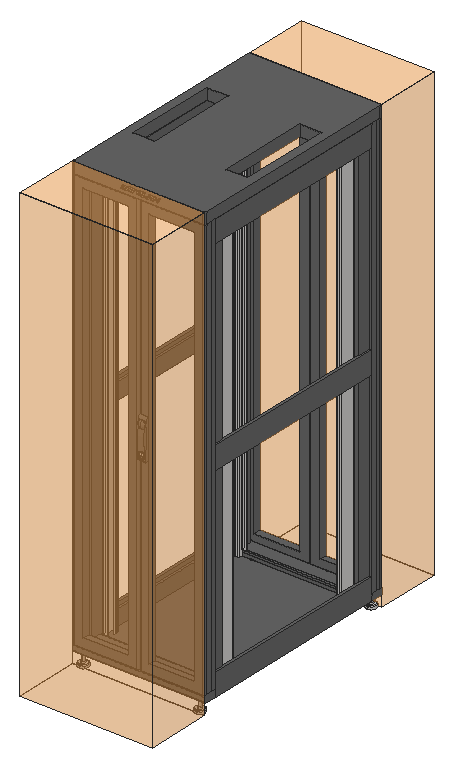
Revit family "Eurolan_Шкафы Rackcenter D9000", category Электрооборудование, Revit 2019 (continued)
Definition of nested family "in_Крыша"
  Definition of nested family "in_Линии щеточного ввода"
    Lines and regions (mm)
      model lines, detail levels fine
        curve 266: line (66, 47.8, 9.8) -> (66, -47.8, 9.8)
        curve 267: line (65, 47.8, 9.8) -> (65, -47.8, 9.8)
        curve 268: line (64, 47.8, 9.8) -> (64, -47.8, 9.8)
        curve 269: line (63, 47.8, 9.8) -> (63, -47.8, 9.8)
        curve 270: line (62, 47.8, 9.8) -> (62, -47.8, 9.8)
        curve 271: line (61, 47.8, 9.8) -> (61, -47.8, 9.8)
        curve 272: line (60, 47.8, 9.8) -> (60, -47.8, 9.8)
        curve 273: line (59, 47.8, 9.8) -> (59, -47.8, 9.8)
        curve 274: line (58, 47.8, 9.8) -> (58, -47.8, 9.8)
        curve 275: line (57, 47.8, 9.8) -> (57, -47.8, 9.8)
        curve 276: line (56, 47.8, 9.8) -> (56, -47.8, 9.8)
        curve 277: line (55, 47.8, 9.8) -> (55, -47.8, 9.8)
        curve 278: line (54, 47.8, 9.8) -> (54, -47.8, 9.8)
        curve 279: line (53, 47.8, 9.8) -> (53, -47.8, 9.8)
        curve 280: line (52, 47.8, 9.8) -> (52, -47.8, 9.8)
        curve 281: line (51, 47.8, 9.8) -> (51, -47.8, 9.8)
        curve 282: line (50, 47.8, 9.8) -> (50, -47.8, 9.8)
        curve 283: line (49, 47.8, 9.8) -> (49, -47.8, 9.8)
        curve 284: line (48, 47.8, 9.8) -> (48, -47.8, 9.8)
        curve 285: line (47, 47.8, 9.8) -> (47, -47.8, 9.8)
        curve 286: line (46, 47.8, 9.8) -> (46, -47.8, 9.8)
        curve 287: line (45, 47.8, 9.8) -> (45, -47.8, 9.8)
        curve 288: line (44, 47.8, 9.8) -> (44, -47.8, 9.8)
        curve 289: line (43, 47.8, 9.8) -> (43, -47.8, 9.8)
        curve 290: line (42, 47.8, 9.8) -> (42, -47.8, 9.8)
        curve 291: line (41, 47.8, 9.8) -> (41, -47.8, 9.8)
        curve 292: line (40, 47.8, 9.8) -> (40, -47.8, 9.8)
        curve 293: line (39, 47.8, 9.8) -> (39, -47.8, 9.8)
        curve 294: line (38, 47.8, 9.8) -> (38, -47.8, 9.8)
        curve 295: line (37, 47.8, 9.8) -> (37, -47.8, 9.8)
        curve 296: line (36, 47.8, 9.8) -> (36, -47.8, 9.8)
        curve 297: line (35, 47.8, 9.8) -> (35, -47.8, 9.8)
        curve 298: line (34, 47.8, 9.8) -> (34, -47.8, 9.8)
        curve 299: line (33, 47.8, 9.8) -> (33, -47.8, 9.8)
        curve 300: line (32, 47.8, 9.8) -> (32, -47.8, 9.8)
        curve 301: line (31, 47.8, 9.8) -> (31, -47.8, 9.8)
        curve 302: line (30, 47.8, 9.8) -> (30, -47.8, 9.8)
        curve 303: line (29, 47.8, 9.8) -> (29, -47.8, 9.8)
        curve 304: line (28, 47.8, 9.8) -> (28, -47.8, 9.8)
        curve 305: line (27, 47.8, 9.8) -> (27, -47.8, 9.8)
        curve 306: line (26, 47.8, 9.8) -> (26, -47.8, 9.8)
        curve 307: line (25, 47.8, 9.8) -> (25, -47.8, 9.8)
        curve 308: line (24, 47.8, 9.8) -> (24, -47.8, 9.8)
        curve 309: line (23, 47.8, 9.8) -> (23, -47.8, 9.8)
        curve 310: line (22, 47.8, 9.8) -> (22, -47.8, 9.8)
        curve 311: line (21, 47.8, 9.8) -> (21, -47.8, 9.8)
        curve 312: line (20, 47.8, 9.8) -> (20, -47.8, 9.8)
        curve 313: line (19, 47.8, 9.8) -> (19, -47.8, 9.8)
        curve 314: line (18, 47.8, 9.8) -> (18, -47.8, 9.8)
        curve 315: line (17, 47.8, 9.8) -> (17, -47.8, 9.8)
        curve 316: line (16, 47.8, 9.8) -> (16, -47.8, 9.8)
        curve 317: line (15, 47.8, 9.8) -> (15, -47.8, 9.8)
        curve 318: line (14, 47.8, 9.8) -> (14, -47.8, 9.8)
        curve 319: line (13, 47.8, 9.8) -> (13, -47.8, 9.8)
        curve 320: line (12, 47.8, 9.8) -> (12, -47.8, 9.8)
        curve 321: line (11, 47.8, 9.8) -> (11, -47.8, 9.8)
        curve 322: line (10, 47.8, 9.8) -> (10, -47.8, 9.8)
        curve 323: line (9, 47.8, 9.8) -> (9, -47.8, 9.8)
        curve 324: line (8, 47.8, 9.8) -> (8, -47.8, 9.8)
        curve 325: line (7, 47.8, 9.8) -> (7, -47.8, 9.8)
        curve 326: line (6, 47.8, 9.8) -> (6, -47.8, 9.8)
        curve 327: line (5, 47.8, 9.8) -> (5, -47.8, 9.8)
        curve 328: line (4, 47.8, 9.8) -> (4, -47.8, 9.8)
        curve 329: line (3, 47.8, 9.8) -> (3, -47.8, 9.8)
        curve 330: line (2, 47.8, 9.8) -> (2, -47.8, 9.8)
        curve 331: line (1, 47.8, 9.8) -> (1, -47.8, 9.8)
        curve 332: line (122, 47.8, 9.8) -> (122, -47.8, 9.8)
        curve 333: line (123, 47.8, 9.8) -> (123, -47.8, 9.8)
        curve 334: line (124, 47.8, 9.8) -> (124, -47.8, 9.8)
        curve 335: line (125, 47.8, 9.8) -> (125, -47.8, 9.8)
        curve 336: line (126, 47.8, 9.8) -> (126, -47.8, 9.8)
        curve 337: line (127, 47.8, 9.8) -> (127, -47.8, 9.8)
        curve 338: line (128, 47.8, 9.8) -> (128, -47.8, 9.8)
        curve 339: line (129, 47.8, 9.8) -> (129, -47.8, 9.8)
        curve 340: line (130, 47.8, 9.8) -> (130, -47.8, 9.8)
        curve 341: line (131, 47.8, 9.8) -> (131, -47.8, 9.8)
        curve 342: line (132, 47.8, 9.8) -> (132, -47.8, 9.8)
        curve 343: line (133, 47.8, 9.8) -> (133, -47.8, 9.8)
        curve 344: line (134, 47.8, 9.8) -> (134, -47.8, 9.8)
        curve 345: line (135, 47.8, 9.8) -> (135, -47.8, 9.8)
        curve 346: line (136, 47.8, 9.8) -> (136, -47.8, 9.8)
        curve 347: line (137, 47.8, 9.8) -> (137, -47.8, 9.8)
        curve 348: line (138, 47.8, 9.8) -> (138, -47.8, 9.8)
        curve 349: line (139, 47.8, 9.8) -> (139, -47.8, 9.8)
        curve 350: line (140, 47.8, 9.8) -> (140, -47.8, 9.8)
        curve 351: line (141, 47.8, 9.8) -> (141, -47.8, 9.8)
        curve 352: line (142, 47.8, 9.8) -> (142, -47.8, 9.8)
        curve 353: line (143, 47.8, 9.8) -> (143, -47.8, 9.8)
        curve 354: line (144, 47.8, 9.8) -> (144, -47.8, 9.8)
        curve 355: line (145, 47.8, 9.8) -> (145, -47.8, 9.8)
        curve 356: line (146, 47.8, 9.8) -> (146, -47.8, 9.8)
        curve 357: line (147, 47.8, 9.8) -> (147, -47.8, 9.8)
        curve 358: line (148, 47.8, 9.8) -> (148, -47.8, 9.8)
        curve 359: line (149, 47.8, 9.8) -> (149, -47.8, 9.8)
        curve 360: line (150, 47.8, 9.8) -> (150, -47.8, 9.8)
        curve 361: line (151, 47.8, 9.8) -> (151, -47.8, 9.8)
        curve 362: line (152, 47.8, 9.8) -> (152, -47.8, 9.8)
        curve 363: line (153, 47.8, 9.8) -> (153, -47.8, 9.8)
        curve 364: line (154, 47.8, 9.8) -> (154, -47.8, 9.8)
        curve 365: line (155, 47.8, 9.8) -> (155, -47.8, 9.8)
        curve 366: line (156, 47.8, 9.8) -> (156, -47.8, 9.8)
        curve 367: line (157, 47.8, 9.8) -> (157, -47.8, 9.8)
        curve 368: line (158, 47.8, 9.8) -> (158, -47.8, 9.8)
        curve 369: line (159, 47.8, 9.8) -> (159, -47.8, 9.8)
        curve 370: line (160, 47.8, 9.8) -> (160, -47.8, 9.8)
        curve 371: line (161, 47.8, 9.8) -> (161, -47.8, 9.8)
        curve 372: line (162, 47.8, 9.8) -> (162, -47.8, 9.8)
        curve 373: line (163, 47.8, 9.8) -> (163, -47.8, 9.8)
        curve 374: line (164, 47.8, 9.8) -> (164, -47.8, 9.8)
        curve 375: line (165, 47.8, 9.8) -> (165, -47.8, 9.8)
        curve 376: line (166, 47.8, 9.8) -> (166, -47.8, 9.8)
        curve 377: line (167, 47.8, 9.8) -> (167, -47.8, 9.8)
        curve 378: line (168, 47.8, 9.8) -> (168, -47.8, 9.8)
        curve 379: line (169, 47.8, 9.8) -> (169, -47.8, 9.8)
        curve 380: line (170, 47.8, 9.8) -> (170, -47.8, 9.8)
        curve 381: line (171, 47.8, 9.8) -> (171, -47.8, 9.8)
        curve 382: line (172, 47.8, 9.8) -> (172, -47.8, 9.8)
        curve 383: line (173, 47.8, 9.8) -> (173, -47.8, 9.8)
        curve 384: line (174, 47.8, 9.8) -> (174, -47.8, 9.8)
        curve 385: line (175, 47.8, 9.8) -> (175, -47.8, 9.8)
        curve 386: line (176, 47.8, 9.8) -> (176, -47.8, 9.8)
        curve 387: line (177, 47.8, 9.8) -> (177, -47.8, 9.8)
        curve 388: line (178, 47.8, 9.8) -> (178, -47.8, 9.8)
        curve 389: line (179, 47.8, 9.8) -> (179, -47.8, 9.8)
        curve 390: line (180, 47.8, 9.8) -> (180, -47.8, 9.8)
        curve 391: line (181, 47.8, 9.8) -> (181, -47.8, 9.8)
        curve 392: line (182, 47.8, 9.8) -> (182, -47.8, 9.8)
        curve 393: line (183, 47.8, 9.8) -> (183, -47.8, 9.8)
        curve 394: line (184, 47.8, 9.8) -> (184, -47.8, 9.8)
        curve 395: line (185, 47.8, 9.8) -> (185, -47.8, 9.8)
        curve 396: line (186, 47.8, 9.8) -> (186, -47.8, 9.8)
        curve 397: line (187, 47.8, 9.8) -> (187, -47.8, 9.8)
        curve 398: line (188, 47.8, 9.8) -> (188, -47.8, 9.8)
        curve 399: line (189, 47.8, 9.8) -> (189, -47.8, 9.8)
        curve 400: line (190, 47.8, 9.8) -> (190, -47.8, 9.8)
        curve 401: line (191, 47.8, 9.8) -> (191, -47.8, 9.8)
        curve 402: line (192, 47.8, 9.8) -> (192, -47.8, 9.8)
        curve 403: line (193, 47.8, 9.8) -> (193, -47.8, 9.8)
        curve 404: line (194, 47.8, 9.8) -> (194, -47.8, 9.8)
        curve 405: line (195, 47.8, 9.8) -> (195, -47.8, 9.8)
        curve 406: line (196, 47.8, 9.8) -> (196, -47.8, 9.8)
        curve 407: line (197, 47.8, 9.8) -> (197, -47.8, 9.8)
        curve 408: line (198, 47.8, 9.8) -> (198, -47.8, 9.8)
        curve 409: line (199, 47.8, 9.8) -> (199, -47.8, 9.8)
        curve 410: line (200, 47.8, 9.8) -> (200, -47.8, 9.8)
        curve 411: line (201, 47.8, 9.8) -> (201, -47.8, 9.8)
        curve 412: line (202, 47.8, 9.8) -> (202, -47.8, 9.8)
        curve 413: line (203, 47.8, 9.8) -> (203, -47.8, 9.8)
        curve 414: line (204, 47.8, 9.8) -> (204, -47.8, 9.8)
        curve 415: line (205, 47.8, 9.8) -> (205, -47.8, 9.8)
        curve 416: line (206, 47.8, 9.8) -> (206, -47.8, 9.8)
        curve 417: line (207, 47.8, 9.8) -> (207, -47.8, 9.8)
        curve 418: line (208, 47.8, 9.8) -> (208, -47.8, 9.8)
        curve 419: line (209, 47.8, 9.8) -> (209, -47.8, 9.8)
    Dimensions and locks
      equal spacing: plane 7 "x1", plane 1 "По центру (Вперед/Назад)", plane 8 "x2"
      "ADSK_Размер_Высота": plane 7 "x1" to plane 8 "x2"
      plane 6 "cc" to level = 12.000 mm
      equal spacing: plane 5 "r1", plane 3 "По центру (Влево/Вправо)", plane 4 "l1"
      "ADSK_Размер_Ширина": plane 5 "r1" to plane 4 "l1"
      aligned and locked: level to plane 2
    Automatic sketch dimensions
      curve 122 to plane 3 "По центру (Влево/Вправо)" = 0.000 mm
      plane 8 "x2" to curve 419 = 1.200 mm
      curve 121 to curve 122 = 1.000 mm
      curve 120 to curve 121 = 1.000 mm
      curve 119 to curve 120 = 1.000 mm
      curve 118 to curve 119 = 1.000 mm
      curve 117 to curve 118 = 1.000 mm
      curve 116 to curve 117 = 1.000 mm
      curve 115 to curve 116 = 1.000 mm
      curve 114 to curve 115 = 1.000 mm
      curve 113 to curve 114 = 1.000 mm
      curve 112 to curve 113 = 1.000 mm
      curve 111 to curve 112 = 1.000 mm
      curve 110 to curve 111 = 1.000 mm
      curve 109 to curve 110 = 1.000 mm
      curve 108 to curve 109 = 1.000 mm
      curve 107 to curve 108 = 1.000 mm
      curve 106 to curve 107 = 1.000 mm
      curve 105 to curve 106 = 1.000 mm
      curve 104 to curve 105 = 1.000 mm
      curve 103 to curve 104 = 1.000 mm
      curve 102 to curve 103 = 1.000 mm
      curve 101 to curve 102 = 1.000 mm
      curve 100 to curve 101 = 1.000 mm
      curve 99 to curve 100 = 1.000 mm
      curve 98 to curve 99 = 1.000 mm
      curve 97 to curve 98 = 1.000 mm
      curve 96 to curve 97 = 1.000 mm
      curve 95 to curve 96 = 1.000 mm
      curve 94 to curve 95 = 1.000 mm
      curve 93 to curve 94 = 1.000 mm
      curve 92 to curve 93 = 1.000 mm
      curve 91 to curve 92 = 1.000 mm
      curve 90 to curve 91 = 1.000 mm
      curve 89 to curve 90 = 1.000 mm
      curve 88 to curve 89 = 1.000 mm
      curve 87 to curve 88 = 1.000 mm
      curve 86 to curve 87 = 1.000 mm
      curve 85 to curve 86 = 1.000 mm
      curve 84 to curve 85 = 1.000 mm
      curve 83 to curve 84 = 1.000 mm
      curve 82 to curve 83 = 1.000 mm
      curve 81 to curve 82 = 1.000 mm
      curve 80 to curve 81 = 1.000 mm
      curve 79 to curve 80 = 1.000 mm
      curve 78 to curve 79 = 1.000 mm
      curve 77 to curve 78 = 1.000 mm
      curve 76 to curve 77 = 1.000 mm
      curve 75 to curve 76 = 1.000 mm
      curve 74 to curve 75 = 1.000 mm
      curve 73 to curve 74 = 1.000 mm
      curve 72 to curve 73 = 1.000 mm
      curve 71 to curve 72 = 1.000 mm
      curve 70 to curve 71 = 1.000 mm
      curve 69 to curve 70 = 1.000 mm
      curve 68 to curve 69 = 1.000 mm
      curve 67 to curve 68 = 1.000 mm
      curve 66 to curve 67 = 1.000 mm
      curve 65 to curve 66 = 1.000 mm
      curve 64 to curve 65 = 1.000 mm
      curve 63 to curve 64 = 1.000 mm
      curve 62 to curve 63 = 1.000 mm
      curve 61 to curve 62 = 1.000 mm
      curve 60 to curve 61 = 1.000 mm
      curve 59 to curve 60 = 1.000 mm
      curve 58 to curve 59 = 1.000 mm
      curve 57 to curve 58 = 1.000 mm
      curve 56 to curve 57 = 1.000 mm
      curve 55 to curve 56 = 1.000 mm
      curve 54 to curve 55 = 1.000 mm
      curve 53 to curve 54 = 1.000 mm
      curve 52 to curve 53 = 1.000 mm
      curve 51 to curve 52 = 1.000 mm
      curve 50 to curve 51 = 1.000 mm
      curve 49 to curve 50 = 1.000 mm
      curve 48 to curve 49 = 1.000 mm
      curve 47 to curve 48 = 1.000 mm
      curve 46 to curve 47 = 1.000 mm
      curve 45 to curve 46 = 1.000 mm
      curve 44 to curve 45 = 1.000 mm
      curve 43 to curve 44 = 1.000 mm
      curve 42 to curve 43 = 1.000 mm
      curve 41 to curve 42 = 1.000 mm
      curve 40 to curve 41 = 1.000 mm
      curve 39 to curve 40 = 1.000 mm
      curve 38 to curve 39 = 1.000 mm
      curve 37 to curve 38 = 1.000 mm
      curve 36 to curve 37 = 1.000 mm
      curve 35 to curve 36 = 1.000 mm
      curve 34 to curve 35 = 1.000 mm
      curve 33 to curve 34 = 1.000 mm
      curve 32 to curve 33 = 1.000 mm
      curve 31 to curve 32 = 1.000 mm
      curve 30 to curve 31 = 1.000 mm
      curve 29 to curve 30 = 1.000 mm
      curve 28 to curve 29 = 1.000 mm
      curve 27 to curve 28 = 1.000 mm
      curve 26 to curve 27 = 1.000 mm
      curve 25 to curve 26 = 1.000 mm
      curve 24 to curve 25 = 1.000 mm
      curve 23 to curve 24 = 1.000 mm
      curve 22 to curve 23 = 1.000 mm
      curve 21 to curve 22 = 1.000 mm
      curve 20 to curve 21 = 1.000 mm
      curve 19 to curve 20 = 1.000 mm
      curve 18 to curve 19 = 1.000 mm
      curve 17 to curve 18 = 1.000 mm
      curve 16 to curve 17 = 1.000 mm
      curve 15 to curve 16 = 1.000 mm
      curve 14 to curve 15 = 1.000 mm
      curve 13 to curve 14 = 1.000 mm
      curve 12 to curve 13 = 1.000 mm
      curve 11 to curve 12 = 1.000 mm
      curve 10 to curve 11 = 1.000 mm
      curve 9 to curve 10 = 1.000 mm
      curve 8 to curve 9 = 1.000 mm
      curve 7 to curve 8 = 1.000 mm
      curve 6 to curve 7 = 1.000 mm
      curve 5 to curve 6 = 1.000 mm
      curve 1 to curve 5 = 1.000 mm
      curve 2 to curve 1 = 1.000 mm
      curve 3 to curve 2 = 1.000 mm
      curve 4 to curve 3 = 1.000 mm
      curve 123 to curve 4 = 1.000 mm
      curve 124 to curve 123 = 1.000 mm
      curve 125 to curve 124 = 1.000 mm
      curve 126 to curve 125 = 1.000 mm
      curve 127 to curve 126 = 1.000 mm
      curve 128 to curve 127 = 1.000 mm
      curve 129 to curve 128 = 1.000 mm
      curve 130 to curve 129 = 1.000 mm
      curve 131 to curve 130 = 1.000 mm
      curve 132 to curve 131 = 1.000 mm
      curve 133 to curve 132 = 1.000 mm
      curve 134 to curve 133 = 1.000 mm
      curve 135 to curve 134 = 1.000 mm
      curve 136 to curve 135 = 1.000 mm
      curve 137 to curve 136 = 1.000 mm
      curve 138 to curve 137 = 1.000 mm
      curve 139 to curve 138 = 1.000 mm
      curve 140 to curve 139 = 1.000 mm
      curve 141 to curve 140 = 1.000 mm
      curve 142 to curve 141 = 1.000 mm
      curve 143 to curve 142 = 1.000 mm
      curve 144 to curve 143 = 1.000 mm
      curve 145 to curve 144 = 1.000 mm
      curve 146 to curve 145 = 1.000 mm
      curve 147 to curve 146 = 1.000 mm
      curve 148 to curve 147 = 1.000 mm
      curve 149 to curve 148 = 1.000 mm
      curve 150 to curve 149 = 1.000 mm
      curve 151 to curve 150 = 1.000 mm
      curve 152 to curve 151 = 1.000 mm
      curve 153 to curve 152 = 1.000 mm
      curve 154 to curve 153 = 1.000 mm
      curve 155 to curve 154 = 1.000 mm
      curve 156 to curve 155 = 1.000 mm
      curve 157 to curve 156 = 1.000 mm
      curve 158 to curve 157 = 1.000 mm
      curve 159 to curve 158 = 1.000 mm
      curve 160 to curve 159 = 1.000 mm
      curve 161 to curve 160 = 1.000 mm
      curve 162 to curve 161 = 1.000 mm
      curve 163 to curve 162 = 1.000 mm
      curve 164 to curve 163 = 1.000 mm
      curve 165 to curve 164 = 1.000 mm
      curve 166 to curve 165 = 1.000 mm
      curve 167 to curve 166 = 1.000 mm
      curve 168 to curve 167 = 1.000 mm
      curve 169 to curve 168 = 1.000 mm
      curve 170 to curve 169 = 1.000 mm
      curve 171 to curve 170 = 1.000 mm
      curve 172 to curve 171 = 1.000 mm
      curve 173 to curve 172 = 1.000 mm
      curve 174 to curve 173 = 1.000 mm
      curve 175 to curve 174 = 1.000 mm
      curve 176 to curve 175 = 1.000 mm
      curve 177 to curve 176 = 1.000 mm
      curve 178 to curve 177 = 1.000 mm
      curve 179 to curve 178 = 1.000 mm
      curve 180 to curve 179 = 1.000 mm
      curve 181 to curve 180 = 1.000 mm
      curve 182 to curve 181 = 1.000 mm
      curve 183 to curve 182 = 1.000 mm
      curve 184 to curve 183 = 1.000 mm
      curve 185 to curve 184 = 1.000 mm
      curve 186 to curve 185 = 1.000 mm
      curve 187 to curve 186 = 1.000 mm
      curve 188 to curve 187 = 1.000 mm
      curve 189 to curve 188 = 1.000 mm
      curve 190 to curve 189 = 1.000 mm
      curve 191 to curve 190 = 1.000 mm
      curve 192 to curve 191 = 1.000 mm
      curve 193 to curve 192 = 1.000 mm
      curve 194 to curve 193 = 1.000 mm
      curve 195 to curve 194 = 1.000 mm
      curve 196 to curve 195 = 1.000 mm
      curve 197 to curve 196 = 1.000 mm
      curve 198 to curve 197 = 1.000 mm
      curve 199 to curve 198 = 1.000 mm
      curve 200 to curve 199 = 1.000 mm
      curve 201 to curve 200 = 1.000 mm
      curve 202 to curve 201 = 1.000 mm
      curve 203 to curve 202 = 1.000 mm
      curve 204 to curve 203 = 1.000 mm
      curve 205 to curve 204 = 1.000 mm
      curve 206 to curve 205 = 1.000 mm
      curve 207 to curve 206 = 1.000 mm
      curve 208 to curve 207 = 1.000 mm
      curve 209 to curve 208 = 1.000 mm
      curve 210 to curve 209 = 1.000 mm
      curve 331 to curve 330 = 1.000 mm
      curve 330 to curve 329 = 1.000 mm
      curve 329 to curve 328 = 1.000 mm
      curve 328 to curve 327 = 1.000 mm
      curve 327 to curve 326 = 1.000 mm
      curve 326 to curve 325 = 1.000 mm
      curve 325 to curve 324 = 1.000 mm
      curve 324 to curve 323 = 1.000 mm
      curve 323 to curve 322 = 1.000 mm
      curve 322 to curve 321 = 1.000 mm
      curve 321 to curve 320 = 1.000 mm
      curve 320 to curve 319 = 1.000 mm
      curve 319 to curve 318 = 1.000 mm
      curve 318 to curve 317 = 1.000 mm
      curve 317 to curve 316 = 1.000 mm
      curve 316 to curve 315 = 1.000 mm
      curve 315 to curve 314 = 1.000 mm
      curve 314 to curve 313 = 1.000 mm
      curve 313 to curve 312 = 1.000 mm
      curve 312 to curve 311 = 1.000 mm
      curve 311 to curve 310 = 1.000 mm
      curve 310 to curve 309 = 1.000 mm
      curve 309 to curve 308 = 1.000 mm
      curve 308 to curve 307 = 1.000 mm
      curve 307 to curve 306 = 1.000 mm
      curve 306 to curve 305 = 1.000 mm
      curve 305 to curve 304 = 1.000 mm
      curve 304 to curve 303 = 1.000 mm
      curve 303 to curve 302 = 1.000 mm
      curve 302 to curve 301 = 1.000 mm
      curve 301 to curve 300 = 1.000 mm
      curve 300 to curve 299 = 1.000 mm
      curve 299 to curve 298 = 1.000 mm
      curve 298 to curve 297 = 1.000 mm
      curve 297 to curve 296 = 1.000 mm
      curve 296 to curve 295 = 1.000 mm
      curve 295 to curve 294 = 1.000 mm
      curve 294 to curve 293 = 1.000 mm
      curve 293 to curve 292 = 1.000 mm
      curve 292 to curve 291 = 1.000 mm
      curve 291 to curve 290 = 1.000 mm
      curve 290 to curve 289 = 1.000 mm
      curve 289 to curve 288 = 1.000 mm
      curve 288 to curve 287 = 1.000 mm
      curve 287 to curve 286 = 1.000 mm
      curve 286 to curve 285 = 1.000 mm
      curve 285 to curve 284 = 1.000 mm
      curve 284 to curve 283 = 1.000 mm
      curve 283 to curve 282 = 1.000 mm
      curve 282 to curve 281 = 1.000 mm
      curve 281 to curve 280 = 1.000 mm
      curve 280 to curve 279 = 1.000 mm
      curve 279 to curve 278 = 1.000 mm
      curve 278 to curve 277 = 1.000 mm
      curve 277 to curve 276 = 1.000 mm
      curve 276 to curve 275 = 1.000 mm
      curve 275 to curve 274 = 1.000 mm
      curve 274 to curve 273 = 1.000 mm
      curve 273 to curve 272 = 1.000 mm
      curve 272 to curve 271 = 1.000 mm
      curve 271 to curve 270 = 1.000 mm
      curve 270 to curve 269 = 1.000 mm
      curve 269 to curve 268 = 1.000 mm
      curve 268 to curve 267 = 1.000 mm
      curve 267 to curve 266 = 1.000 mm
      curve 266 to curve 265 = 1.000 mm
      curve 265 to curve 264 = 1.000 mm
      curve 264 to curve 263 = 1.000 mm
      curve 263 to curve 262 = 1.000 mm
      curve 262 to curve 261 = 1.000 mm
      curve 261 to curve 260 = 1.000 mm
      curve 260 to curve 259 = 1.000 mm
      curve 259 to curve 258 = 1.000 mm
      curve 258 to curve 257 = 1.000 mm
      curve 257 to curve 256 = 1.000 mm
      curve 256 to curve 255 = 1.000 mm
      curve 255 to curve 254 = 1.000 mm
      curve 254 to curve 253 = 1.000 mm
      curve 253 to curve 252 = 1.000 mm
      curve 252 to curve 251 = 1.000 mm
      curve 251 to curve 250 = 1.000 mm
      curve 250 to curve 249 = 1.000 mm
      curve 249 to curve 248 = 1.000 mm
      curve 248 to curve 247 = 1.000 mm
      curve 247 to curve 246 = 1.000 mm
      curve 246 to curve 245 = 1.000 mm
      curve 245 to curve 244 = 1.000 mm
      curve 244 to curve 243 = 1.000 mm
      curve 243 to curve 242 = 1.000 mm
      curve 242 to curve 241 = 1.000 mm
      curve 241 to curve 240 = 1.000 mm
      curve 240 to curve 239 = 1.000 mm
      curve 239 to curve 238 = 1.000 mm
      curve 238 to curve 237 = 1.000 mm
      curve 237 to curve 236 = 1.000 mm
      curve 236 to curve 235 = 1.000 mm
      curve 235 to curve 234 = 1.000 mm
      curve 234 to curve 233 = 1.000 mm
      curve 233 to curve 232 = 1.000 mm
      curve 232 to curve 231 = 1.000 mm
      curve 231 to curve 230 = 1.000 mm
      curve 230 to curve 229 = 1.000 mm
      curve 229 to curve 228 = 1.000 mm
      curve 228 to curve 227 = 1.000 mm
      curve 227 to curve 226 = 1.000 mm
      curve 226 to curve 225 = 1.000 mm
      curve 225 to curve 224 = 1.000 mm
      curve 224 to curve 223 = 1.000 mm
      curve 223 to curve 222 = 1.000 mm
      curve 222 to curve 221 = 1.000 mm
      curve 221 to curve 220 = 1.000 mm
      curve 220 to curve 219 = 1.000 mm
      curve 219 to curve 218 = 1.000 mm
      curve 218 to curve 217 = 1.000 mm
      curve 217 to curve 216 = 1.000 mm
      curve 216 to curve 215 = 1.000 mm
      curve 215 to curve 211 = 1.000 mm
      curve 211 to curve 212 = 1.000 mm
      curve 212 to curve 213 = 1.000 mm
      curve 213 to curve 214 = 1.000 mm
      curve 214 to curve 332 = 1.000 mm
      curve 332 to curve 333 = 1.000 mm
      curve 333 to curve 334 = 1.000 mm
      curve 334 to curve 335 = 1.000 mm
      curve 335 to curve 336 = 1.000 mm
      curve 336 to curve 337 = 1.000 mm
      curve 337 to curve 338 = 1.000 mm
      curve 338 to curve 339 = 1.000 mm
      curve 339 to curve 340 = 1.000 mm
      curve 340 to curve 341 = 1.000 mm
      curve 341 to curve 342 = 1.000 mm
      curve 342 to curve 343 = 1.000 mm
      curve 343 to curve 344 = 1.000 mm
      curve 344 to curve 345 = 1.000 mm
      curve 345 to curve 346 = 1.000 mm
      curve 346 to curve 347 = 1.000 mm
      curve 347 to curve 348 = 1.000 mm
      curve 348 to curve 349 = 1.000 mm
      curve 349 to curve 350 = 1.000 mm
      curve 350 to curve 351 = 1.000 mm
      curve 351 to curve 352 = 1.000 mm
      curve 352 to curve 353 = 1.000 mm
      curve 353 to curve 354 = 1.000 mm
      curve 354 to curve 355 = 1.000 mm
      curve 355 to curve 356 = 1.000 mm
      curve 356 to curve 357 = 1.000 mm
      curve 357 to curve 358 = 1.000 mm
      curve 358 to curve 359 = 1.000 mm
      curve 359 to curve 360 = 1.000 mm
      curve 360 to curve 361 = 1.000 mm
      curve 361 to curve 362 = 1.000 mm
      curve 362 to curve 363 = 1.000 mm
      curve 363 to curve 364 = 1.000 mm
      curve 364 to curve 365 = 1.000 mm
      curve 365 to curve 366 = 1.000 mm
      curve 366 to curve 367 = 1.000 mm
      curve 367 to curve 368 = 1.000 mm
      curve 368 to curve 369 = 1.000 mm
      curve 369 to curve 370 = 1.000 mm
      curve 370 to curve 371 = 1.000 mm
      curve 371 to curve 372 = 1.000 mm
      curve 372 to curve 373 = 1.000 mm
      curve 373 to curve 374 = 1.000 mm
      curve 374 to curve 375 = 1.000 mm
      curve 375 to curve 376 = 1.000 mm
      curve 376 to curve 377 = 1.000 mm
      curve 377 to curve 378 = 1.000 mm
      curve 378 to curve 379 = 1.000 mm
      curve 379 to curve 380 = 1.000 mm
      curve 380 to curve 381 = 1.000 mm
      curve 381 to curve 382 = 1.000 mm
      curve 382 to curve 383 = 1.000 mm
      curve 383 to curve 384 = 1.000 mm
      curve 384 to curve 385 = 1.000 mm
      curve 385 to curve 386 = 1.000 mm
      curve 386 to curve 387 = 1.000 mm
      curve 387 to curve 388 = 1.000 mm
      curve 388 to curve 389 = 1.000 mm
      curve 389 to curve 390 = 1.000 mm
      curve 390 to curve 391 = 1.000 mm
      curve 391 to curve 392 = 1.000 mm
      curve 392 to curve 393 = 1.000 mm
      curve 393 to curve 394 = 1.000 mm
      curve 394 to curve 395 = 1.000 mm
      curve 395 to curve 396 = 1.000 mm
      curve 396 to curve 397 = 1.000 mm
      curve 397 to curve 398 = 1.000 mm
      curve 398 to curve 399 = 1.000 mm
      curve 399 to curve 400 = 1.000 mm
      curve 400 to curve 401 = 1.000 mm
      curve 401 to curve 402 = 1.000 mm
      curve 402 to curve 403 = 1.000 mm
      curve 403 to curve 404 = 1.000 mm
      curve 404 to curve 405 = 1.000 mm
      curve 405 to curve 406 = 1.000 mm
      curve 406 to curve 407 = 1.000 mm
      curve 407 to curve 408 = 1.000 mm
      curve 408 to curve 409 = 1.000 mm
      curve 409 to curve 410 = 1.000 mm
      curve 410 to curve 411 = 1.000 mm
      curve 411 to curve 412 = 1.000 mm
      curve 412 to curve 413 = 1.000 mm
      curve 413 to curve 414 = 1.000 mm
      curve 414 to curve 415 = 1.000 mm
      curve 415 to curve 416 = 1.000 mm
      curve 416 to curve 417 = 1.000 mm
      curve 417 to curve 418 = 1.000 mm
      curve 418 to curve 419 = 1.000 mm
      plane 8 "x2" to curve 1 = 1.200 mm
      plane 8 "x2" to curve 417 = 1.200 mm
      curve 2 to curve 1 = 0.000 mm
      curve 416 to curve 417 = 0.000 mm  (x2)
      curve 3 to curve 2 = 0.000 mm  (x2)
      curve 415 to curve 416 = 0.000 mm  (x2)
      curve 4 to curve 3 = 0.000 mm  (x2)
      curve 414 to curve 415 = 0.000 mm  (x2)
      curve 1 to curve 5 = 0.000 mm  (x2)
      curve 413 to curve 414 = 0.000 mm  (x2)
      curve 5 to curve 6 = 0.000 mm  (x2)
      curve 412 to curve 413 = 0.000 mm  (x2)
      curve 6 to curve 7 = 0.000 mm  (x2)
      curve 411 to curve 412 = 0.000 mm  (x2)
      curve 7 to curve 8 = 0.000 mm  (x2)
      curve 410 to curve 411 = 0.000 mm  (x2)
      curve 8 to curve 9 = 0.000 mm  (x2)
      curve 409 to curve 410 = 0.000 mm  (x2)
      curve 9 to curve 10 = 0.000 mm  (x2)
      curve 408 to curve 409 = 0.000 mm  (x2)
      curve 10 to curve 11 = 0.000 mm  (x2)
      curve 407 to curve 408 = 0.000 mm  (x2)
      curve 11 to curve 12 = 0.000 mm  (x2)
      curve 406 to curve 407 = 0.000 mm  (x2)
      curve 12 to curve 13 = 0.000 mm  (x2)
      curve 405 to curve 406 = 0.000 mm  (x2)
      curve 13 to curve 14 = 0.000 mm  (x2)
      curve 404 to curve 405 = 0.000 mm  (x2)
      curve 14 to curve 15 = 0.000 mm  (x2)
      curve 403 to curve 404 = 0.000 mm  (x2)
      curve 15 to curve 16 = 0.000 mm  (x2)
      curve 402 to curve 403 = 0.000 mm  (x2)
      curve 16 to curve 17 = 0.000 mm  (x2)
      curve 401 to curve 402 = 0.000 mm  (x2)
      curve 17 to curve 18 = 0.000 mm  (x2)
      curve 400 to curve 401 = 0.000 mm  (x2)
      curve 18 to curve 19 = 0.000 mm  (x2)
      curve 399 to curve 400 = 0.000 mm  (x2)
      curve 19 to curve 20 = 0.000 mm  (x2)
      curve 398 to curve 399 = 0.000 mm  (x2)
      curve 20 to curve 21 = 0.000 mm  (x2)
      curve 397 to curve 398 = 0.000 mm  (x2)
      curve 21 to curve 22 = 0.000 mm  (x2)
      curve 396 to curve 397 = 0.000 mm  (x2)
      curve 22 to curve 23 = 0.000 mm  (x2)
      curve 395 to curve 396 = 0.000 mm  (x2)
      curve 23 to curve 24 = 0.000 mm  (x2)
      curve 394 to curve 395 = 0.000 mm  (x2)
      curve 24 to curve 25 = 0.000 mm  (x2)
      curve 393 to curve 394 = 0.000 mm  (x2)
      curve 25 to curve 26 = 0.000 mm  (x2)
      curve 392 to curve 393 = 0.000 mm  (x2)
      curve 26 to curve 27 = 0.000 mm  (x2)
      curve 391 to curve 392 = 0.000 mm  (x2)
      curve 27 to curve 28 = 0.000 mm  (x2)
      curve 390 to curve 391 = 0.000 mm  (x2)
      curve 28 to curve 29 = 0.000 mm  (x2)
      curve 389 to curve 390 = 0.000 mm  (x2)
      curve 29 to curve 30 = 0.000 mm  (x2)
      curve 388 to curve 389 = 0.000 mm  (x2)
      curve 30 to curve 31 = 0.000 mm  (x2)
      curve 387 to curve 388 = 0.000 mm  (x2)
      curve 31 to curve 32 = 0.000 mm  (x2)
      curve 386 to curve 387 = 0.000 mm  (x2)
      curve 32 to curve 33 = 0.000 mm  (x2)
      curve 385 to curve 386 = 0.000 mm  (x2)
      curve 33 to curve 34 = 0.000 mm  (x2)
      curve 384 to curve 385 = 0.000 mm  (x2)
      curve 34 to curve 35 = 0.000 mm  (x2)
      curve 383 to curve 384 = 0.000 mm  (x2)
      curve 35 to curve 36 = 0.000 mm  (x2)
      curve 382 to curve 383 = 0.000 mm  (x2)
      curve 36 to curve 37 = 0.000 mm  (x2)
      curve 381 to curve 382 = 0.000 mm  (x2)
      curve 37 to curve 38 = 0.000 mm  (x2)
      curve 380 to curve 381 = 0.000 mm  (x2)
      curve 38 to curve 39 = 0.000 mm  (x2)
      curve 379 to curve 380 = 0.000 mm  (x2)
      curve 39 to curve 40 = 0.000 mm  (x2)
      curve 378 to curve 379 = 0.000 mm  (x2)
      curve 40 to curve 41 = 0.000 mm  (x2)
      curve 377 to curve 378 = 0.000 mm  (x2)
      curve 41 to curve 42 = 0.000 mm  (x2)
      curve 376 to curve 377 = 0.000 mm  (x2)
      curve 42 to curve 43 = 0.000 mm  (x2)
      curve 375 to curve 376 = 0.000 mm  (x2)
      curve 43 to curve 44 = 0.000 mm  (x2)
      curve 374 to curve 375 = 0.000 mm  (x2)
      curve 44 to curve 45 = 0.000 mm  (x2)
      curve 373 to curve 374 = 0.000 mm  (x2)
      curve 45 to curve 46 = 0.000 mm  (x2)
      curve 372 to curve 373 = 0.000 mm  (x2)
      curve 46 to curve 47 = 0.000 mm  (x2)
      curve 371 to curve 372 = 0.000 mm  (x2)
      curve 47 to curve 48 = 0.000 mm  (x2)
      curve 370 to curve 371 = 0.000 mm  (x2)
      curve 48 to curve 49 = 0.000 mm  (x2)
      curve 369 to curve 370 = 0.000 mm  (x2)
      curve 49 to curve 50 = 0.000 mm  (x2)
      curve 368 to curve 369 = 0.000 mm  (x2)
      curve 50 to curve 51 = 0.000 mm  (x2)
      curve 367 to curve 368 = 0.000 mm  (x2)
      curve 51 to curve 52 = 0.000 mm  (x2)
      curve 366 to curve 367 = 0.000 mm  (x2)
      curve 52 to curve 53 = 0.000 mm  (x2)
      curve 365 to curve 366 = 0.000 mm  (x2)
      curve 53 to curve 54 = 0.000 mm  (x2)
      curve 364 to curve 365 = 0.000 mm  (x2)
      curve 54 to curve 55 = 0.000 mm  (x2)
      curve 363 to curve 364 = 0.000 mm  (x2)
      curve 55 to curve 56 = 0.000 mm  (x2)
      curve 362 to curve 363 = 0.000 mm  (x2)
      curve 56 to curve 57 = 0.000 mm  (x2)
      curve 361 to curve 362 = 0.000 mm  (x2)
      curve 57 to curve 58 = 0.000 mm  (x2)
      curve 360 to curve 361 = 0.000 mm  (x2)
      curve 58 to curve 59 = 0.000 mm  (x2)
      curve 359 to curve 360 = 0.000 mm  (x2)
      curve 59 to curve 60 = 0.000 mm  (x2)
      curve 358 to curve 359 = 0.000 mm  (x2)
      curve 60 to curve 61 = 0.000 mm  (x2)
      curve 357 to curve 358 = 0.000 mm  (x2)
      curve 61 to curve 62 = 0.000 mm  (x2)
      curve 356 to curve 357 = 0.000 mm  (x2)
      curve 62 to curve 63 = 0.000 mm  (x2)
      curve 355 to curve 356 = 0.000 mm  (x2)
      curve 63 to curve 64 = 0.000 mm  (x2)
      curve 354 to curve 355 = 0.000 mm  (x2)
      curve 64 to curve 65 = 0.000 mm  (x2)
      curve 353 to curve 354 = 0.000 mm  (x2)
      curve 65 to curve 66 = 0.000 mm  (x2)
      curve 352 to curve 353 = 0.000 mm  (x2)
      curve 66 to curve 67 = 0.000 mm  (x2)
      curve 351 to curve 352 = 0.000 mm  (x2)
      curve 67 to curve 68 = 0.000 mm  (x2)
      curve 350 to curve 351 = 0.000 mm  (x2)
      curve 68 to curve 69 = 0.000 mm  (x2)
      curve 349 to curve 350 = 0.000 mm  (x2)
      curve 69 to curve 70 = 0.000 mm  (x2)
      curve 348 to curve 349 = 0.000 mm  (x2)
      curve 70 to curve 71 = 0.000 mm  (x2)
      curve 347 to curve 348 = 0.000 mm  (x2)
      curve 71 to curve 72 = 0.000 mm  (x2)
      curve 346 to curve 347 = 0.000 mm  (x2)
      curve 72 to curve 73 = 0.000 mm  (x2)
      curve 345 to curve 346 = 0.000 mm  (x2)
      curve 73 to curve 74 = 0.000 mm  (x2)
      curve 344 to curve 345 = 0.000 mm  (x2)
      curve 74 to curve 75 = 0.000 mm  (x2)
      curve 343 to curve 344 = 0.000 mm  (x2)
      curve 75 to curve 76 = 0.000 mm  (x2)
      curve 342 to curve 343 = 0.000 mm  (x2)
      curve 76 to curve 77 = 0.000 mm  (x2)
      curve 341 to curve 342 = 0.000 mm  (x2)
      curve 77 to curve 78 = 0.000 mm  (x2)
      curve 340 to curve 341 = 0.000 mm  (x2)
      curve 78 to curve 79 = 0.000 mm  (x2)
      curve 339 to curve 340 = 0.000 mm  (x2)
      curve 79 to curve 80 = 0.000 mm  (x2)
      curve 338 to curve 339 = 0.000 mm  (x2)
      curve 80 to curve 81 = 0.000 mm  (x2)
      curve 337 to curve 338 = 0.000 mm  (x2)
      curve 81 to curve 82 = 0.000 mm  (x2)
      curve 336 to curve 337 = 0.000 mm  (x2)
      curve 82 to curve 83 = 0.000 mm  (x2)
      curve 335 to curve 336 = 0.000 mm  (x2)
      curve 83 to curve 84 = 0.000 mm  (x2)
      curve 334 to curve 335 = 0.000 mm  (x2)
      curve 84 to curve 85 = 0.000 mm  (x2)
      curve 333 to curve 334 = 0.000 mm  (x2)
      curve 85 to curve 86 = 0.000 mm  (x2)
      curve 332 to curve 333 = 0.000 mm  (x2)
      curve 86 to curve 87 = 0.000 mm  (x2)
      curve 87 to curve 88 = 0.000 mm  (x2)
      curve 88 to curve 89 = 0.000 mm  (x2)
      curve 331 to curve 330 = 0.000 mm  (x2)
      curve 89 to curve 90 = 0.000 mm  (x2)
      curve 330 to curve 329 = 0.000 mm  (x2)
      curve 90 to curve 91 = 0.000 mm  (x2)
      curve 329 to curve 328 = 0.000 mm  (x2)
      curve 91 to curve 92 = 0.000 mm  (x2)
      curve 328 to curve 327 = 0.000 mm  (x2)
      curve 92 to curve 93 = 0.000 mm  (x2)
      curve 327 to curve 326 = 0.000 mm  (x2)
      curve 93 to curve 94 = 0.000 mm  (x2)
      curve 326 to curve 325 = 0.000 mm  (x2)
      curve 94 to curve 95 = 0.000 mm  (x2)
      curve 325 to curve 324 = 0.000 mm  (x2)
      curve 95 to curve 96 = 0.000 mm  (x2)
      curve 324 to curve 323 = 0.000 mm  (x2)
      curve 96 to curve 97 = 0.000 mm  (x2)
      curve 323 to curve 322 = 0.000 mm  (x2)
      curve 97 to curve 98 = 0.000 mm  (x2)
      curve 322 to curve 321 = 0.000 mm  (x2)
      curve 98 to curve 99 = 0.000 mm  (x2)
      curve 321 to curve 320 = 0.000 mm  (x2)
      curve 99 to curve 100 = 0.000 mm  (x2)
      curve 320 to curve 319 = 0.000 mm  (x2)
      curve 100 to curve 101 = 0.000 mm  (x2)
      curve 319 to curve 318 = 0.000 mm  (x2)
      curve 101 to curve 102 = 0.000 mm  (x2)
      curve 318 to curve 317 = 0.000 mm  (x2)
      curve 102 to curve 103 = 0.000 mm  (x2)
      curve 317 to curve 316 = 0.000 mm  (x2)
      curve 103 to curve 104 = 0.000 mm  (x2)
      curve 316 to curve 315 = 0.000 mm  (x2)
      curve 104 to curve 105 = 0.000 mm  (x2)
      curve 315 to curve 314 = 0.000 mm  (x2)
      curve 105 to curve 106 = 0.000 mm  (x2)
      curve 314 to curve 313 = 0.000 mm  (x2)
      curve 106 to curve 107 = 0.000 mm  (x2)
      curve 313 to curve 312 = 0.000 mm  (x2)
      curve 107 to curve 108 = 0.000 mm  (x2)
      curve 312 to curve 311 = 0.000 mm  (x2)
      curve 108 to curve 109 = 0.000 mm  (x2)
      curve 311 to curve 310 = 0.000 mm  (x2)
      curve 109 to curve 110 = 0.000 mm  (x2)
      curve 310 to curve 309 = 0.000 mm  (x2)
      curve 110 to curve 111 = 0.000 mm  (x2)
      curve 309 to curve 308 = 0.000 mm  (x2)
      curve 111 to curve 112 = 0.000 mm  (x2)
      curve 308 to curve 307 = 0.000 mm  (x2)
      curve 112 to curve 113 = 0.000 mm  (x2)
      curve 307 to curve 306 = 0.000 mm  (x2)
      curve 113 to curve 114 = 0.000 mm  (x2)
      curve 306 to curve 305 = 0.000 mm  (x2)
      curve 114 to curve 115 = 0.000 mm  (x2)
      curve 305 to curve 304 = 0.000 mm  (x2)
      curve 115 to curve 116 = 0.000 mm  (x2)
      curve 304 to curve 303 = 0.000 mm  (x2)
      curve 116 to curve 117 = 0.000 mm  (x2)
      curve 303 to curve 302 = 0.000 mm  (x2)
      curve 117 to curve 118 = 0.000 mm  (x2)
      curve 302 to curve 301 = 0.000 mm  (x2)
      curve 118 to curve 119 = 0.000 mm  (x2)
      curve 301 to curve 300 = 0.000 mm  (x2)
      curve 119 to curve 120 = 0.000 mm  (x2)
      curve 300 to curve 299 = 0.000 mm  (x2)
      curve 120 to curve 121 = 0.000 mm  (x2)
      curve 299 to curve 298 = 0.000 mm  (x2)
      curve 298 to curve 297 = 0.000 mm  (x2)
      curve 123 to curve 4 = 0.000 mm  (x2)
      curve 297 to curve 296 = 0.000 mm  (x2)
      curve 124 to curve 123 = 0.000 mm  (x2)
      curve 296 to curve 295 = 0.000 mm  (x2)
      curve 125 to curve 124 = 0.000 mm  (x2)
      curve 295 to curve 294 = 0.000 mm  (x2)
      curve 126 to curve 125 = 0.000 mm  (x2)
      curve 294 to curve 293 = 0.000 mm  (x2)
      curve 127 to curve 126 = 0.000 mm  (x2)
      curve 293 to curve 292 = 0.000 mm  (x2)
      curve 128 to curve 127 = 0.000 mm  (x2)
      curve 292 to curve 291 = 0.000 mm  (x2)
      curve 129 to curve 128 = 0.000 mm  (x2)
      curve 291 to curve 290 = 0.000 mm  (x2)
      curve 130 to curve 129 = 0.000 mm  (x2)
      curve 290 to curve 289 = 0.000 mm  (x2)
      curve 131 to curve 130 = 0.000 mm  (x2)
      curve 289 to curve 288 = 0.000 mm  (x2)
      curve 132 to curve 131 = 0.000 mm  (x2)
      curve 288 to curve 287 = 0.000 mm  (x2)
      curve 133 to curve 132 = 0.000 mm  (x2)
      curve 287 to curve 286 = 0.000 mm  (x2)
      curve 134 to curve 133 = 0.000 mm  (x2)
      curve 286 to curve 285 = 0.000 mm  (x2)
      curve 135 to curve 134 = 0.000 mm  (x2)
      curve 285 to curve 284 = 0.000 mm  (x2)
      curve 136 to curve 135 = 0.000 mm  (x2)
      curve 284 to curve 283 = 0.000 mm  (x2)
      curve 137 to curve 136 = 0.000 mm  (x2)
      curve 283 to curve 282 = 0.000 mm  (x2)
      curve 138 to curve 137 = 0.000 mm  (x2)
      curve 282 to curve 281 = 0.000 mm  (x2)
      curve 139 to curve 138 = 0.000 mm  (x2)
      curve 281 to curve 280 = 0.000 mm  (x2)
      curve 140 to curve 139 = 0.000 mm  (x2)
      curve 280 to curve 279 = 0.000 mm  (x2)
      curve 141 to curve 140 = 0.000 mm  (x2)
      curve 279 to curve 278 = 0.000 mm  (x2)
      curve 142 to curve 141 = 0.000 mm  (x2)
      curve 278 to curve 277 = 0.000 mm  (x2)
      curve 143 to curve 142 = 0.000 mm  (x2)
      curve 277 to curve 276 = 0.000 mm  (x2)
      curve 144 to curve 143 = 0.000 mm  (x2)
      curve 276 to curve 275 = 0.000 mm  (x2)
      curve 145 to curve 144 = 0.000 mm  (x2)
      curve 275 to curve 274 = 0.000 mm  (x2)
      curve 146 to curve 145 = 0.000 mm  (x2)
      curve 274 to curve 273 = 0.000 mm  (x2)
      curve 147 to curve 146 = 0.000 mm  (x2)
      curve 273 to curve 272 = 0.000 mm  (x2)
      curve 148 to curve 147 = 0.000 mm  (x2)
      curve 272 to curve 271 = 0.000 mm  (x2)
      curve 149 to curve 148 = 0.000 mm  (x2)
      curve 271 to curve 270 = 0.000 mm  (x2)
      curve 150 to curve 149 = 0.000 mm  (x2)
      curve 270 to curve 269 = 0.000 mm  (x2)
      curve 151 to curve 150 = 0.000 mm  (x2)
      curve 269 to curve 268 = 0.000 mm  (x2)
      curve 152 to curve 151 = 0.000 mm  (x2)
      curve 268 to curve 267 = 0.000 mm  (x2)
      curve 153 to curve 152 = 0.000 mm  (x2)
      curve 267 to curve 266 = 0.000 mm  (x2)
      curve 154 to curve 153 = 0.000 mm  (x2)
      curve 266 to curve 265 = 0.000 mm  (x2)
      curve 155 to curve 154 = 0.000 mm  (x2)
      curve 265 to curve 264 = 0.000 mm  (x2)
      curve 156 to curve 155 = 0.000 mm  (x2)
      curve 264 to curve 263 = 0.000 mm  (x2)
      curve 157 to curve 156 = 0.000 mm  (x2)
      curve 263 to curve 262 = 0.000 mm  (x2)
      curve 158 to curve 157 = 0.000 mm  (x2)
      curve 262 to curve 261 = 0.000 mm  (x2)
      curve 159 to curve 158 = 0.000 mm  (x2)
      curve 261 to curve 260 = 0.000 mm  (x2)
      curve 160 to curve 159 = 0.000 mm  (x2)
      curve 260 to curve 259 = 0.000 mm  (x2)
      curve 161 to curve 160 = 0.000 mm  (x2)
      curve 259 to curve 258 = 0.000 mm  (x2)
      curve 162 to curve 161 = 0.000 mm  (x2)
      curve 258 to curve 257 = 0.000 mm  (x2)
      curve 163 to curve 162 = 0.000 mm  (x2)
      curve 257 to curve 256 = 0.000 mm  (x2)
      curve 164 to curve 163 = 0.000 mm  (x2)
      curve 256 to curve 255 = 0.000 mm  (x2)
      curve 165 to curve 164 = 0.000 mm  (x2)
      curve 255 to curve 254 = 0.000 mm  (x2)
      curve 166 to curve 165 = 0.000 mm  (x2)
      curve 254 to curve 253 = 0.000 mm  (x2)
      curve 167 to curve 166 = 0.000 mm  (x2)
      curve 253 to curve 252 = 0.000 mm  (x2)
      curve 168 to curve 167 = 0.000 mm  (x2)
      curve 252 to curve 251 = 0.000 mm  (x2)
      curve 169 to curve 168 = 0.000 mm  (x2)
      curve 251 to curve 250 = 0.000 mm  (x2)
      curve 170 to curve 169 = 0.000 mm  (x2)
      curve 250 to curve 249 = 0.000 mm  (x2)
      curve 171 to curve 170 = 0.000 mm  (x2)
      curve 249 to curve 248 = 0.000 mm  (x2)
      curve 172 to curve 171 = 0.000 mm  (x2)
      curve 248 to curve 247 = 0.000 mm  (x2)
      curve 173 to curve 172 = 0.000 mm  (x2)
      curve 247 to curve 246 = 0.000 mm  (x2)
      curve 174 to curve 173 = 0.000 mm  (x2)
      curve 246 to curve 245 = 0.000 mm  (x2)
      curve 175 to curve 174 = 0.000 mm  (x2)
      curve 245 to curve 244 = 0.000 mm  (x2)
      curve 176 to curve 175 = 0.000 mm  (x2)
      curve 244 to curve 243 = 0.000 mm  (x2)
      curve 177 to curve 176 = 0.000 mm  (x2)
      curve 243 to curve 242 = 0.000 mm  (x2)
      curve 178 to curve 177 = 0.000 mm  (x2)
      curve 242 to curve 241 = 0.000 mm  (x2)
      curve 179 to curve 178 = 0.000 mm  (x2)
      curve 241 to curve 240 = 0.000 mm  (x2)
      curve 180 to curve 179 = 0.000 mm  (x2)
      curve 240 to curve 239 = 0.000 mm  (x2)
      curve 181 to curve 180 = 0.000 mm  (x2)
      curve 239 to curve 238 = 0.000 mm  (x2)
      curve 182 to curve 181 = 0.000 mm  (x2)
      curve 238 to curve 237 = 0.000 mm  (x2)
      curve 183 to curve 182 = 0.000 mm  (x2)
      curve 237 to curve 236 = 0.000 mm  (x2)
      curve 184 to curve 183 = 0.000 mm  (x2)
      curve 236 to curve 235 = 0.000 mm  (x2)
      curve 185 to curve 184 = 0.000 mm  (x2)
      curve 235 to curve 234 = 0.000 mm  (x2)
      curve 186 to curve 185 = 0.000 mm  (x2)
      curve 234 to curve 233 = 0.000 mm  (x2)
      curve 187 to curve 186 = 0.000 mm  (x2)
      curve 233 to curve 232 = 0.000 mm  (x2)
      curve 188 to curve 187 = 0.000 mm  (x2)
      curve 232 to curve 231 = 0.000 mm  (x2)
      curve 189 to curve 188 = 0.000 mm  (x2)
      curve 231 to curve 230 = 0.000 mm  (x2)
      curve 190 to curve 189 = 0.000 mm  (x2)
      curve 230 to curve 229 = 0.000 mm  (x2)
      curve 191 to curve 190 = 0.000 mm  (x2)
      curve 229 to curve 228 = 0.000 mm  (x2)
      curve 192 to curve 191 = 0.000 mm  (x2)
      curve 228 to curve 227 = 0.000 mm  (x2)
      curve 193 to curve 192 = 0.000 mm  (x2)
      curve 227 to curve 226 = 0.000 mm  (x2)
      curve 194 to curve 193 = 0.000 mm  (x2)
      curve 226 to curve 225 = 0.000 mm  (x2)
      curve 195 to curve 194 = 0.000 mm  (x2)
      curve 225 to curve 224 = 0.000 mm  (x2)
      curve 196 to curve 195 = 0.000 mm  (x2)
      curve 224 to curve 223 = 0.000 mm  (x2)
      curve 197 to curve 196 = 0.000 mm  (x2)
      curve 223 to curve 222 = 0.000 mm  (x2)
      curve 198 to curve 197 = 0.000 mm  (x2)
      curve 222 to curve 221 = 0.000 mm  (x2)
      curve 199 to curve 198 = 0.000 mm  (x2)
      curve 221 to curve 220 = 0.000 mm  (x2)
      curve 200 to curve 199 = 0.000 mm  (x2)
      curve 220 to curve 219 = 0.000 mm  (x2)
      curve 201 to curve 200 = 0.000 mm  (x2)
      curve 219 to curve 218 = 0.000 mm  (x2)
      curve 202 to curve 201 = 0.000 mm  (x2)
      curve 218 to curve 217 = 0.000 mm  (x2)
      curve 203 to curve 202 = 0.000 mm  (x2)
      curve 217 to curve 216 = 0.000 mm  (x2)
      curve 204 to curve 203 = 0.000 mm  (x2)
      curve 216 to curve 215 = 0.000 mm  (x2)
      curve 205 to curve 204 = 0.000 mm  (x2)
      curve 214 to curve 332 = 0.000 mm  (x2)
      curve 206 to curve 205 = 0.000 mm  (x2)
      curve 213 to curve 214 = 0.000 mm  (x2)
      curve 207 to curve 206 = 0.000 mm  (x2)
      curve 212 to curve 213 = 0.000 mm  (x2)
      curve 208 to curve 207 = 0.000 mm  (x2)
      curve 215 to curve 211 = 0.000 mm  (x2)
      curve 209 to curve 208 = 0.000 mm  (x2)
      curve 210 to curve 209 = 0.000 mm  (x2)
      curve 417 to curve 418 = 0.000 mm  (x2)
      curve 211 to plane 7 "x1" = 1.200 mm
      curve 209 to plane 7 "x1" = 1.200 mm
      curve 211 to curve 212 = 0.000 mm
      curve 122 to plane 7 "x1" = 1.200 mm
      curve 121 to curve 122 = 0.000 mm  (x2)
      curve 418 to curve 419 = 0.000 mm
      plane 3 "По центру (Влево/Вправо)" to curve 331 = 1.000 mm
      plane 8 "x2" to curve 331 = 1.200 mm
Definition of nested family "in_Боковые панели"
  Parameters (values of type "in_Боковые панели")
    Каркас отступ = 55.000 mm
    Толщина боковой стенки = 15.500 mm
    Смещение от пола = 51.000 mm
    Глубина стенок [instance] = ADSK_Размер_Глубина - Каркас отступ * 2  # 690.000 mm
    Высота стенки [instance] = ADSK_Размер_Высота - 42.000 mm  # 2235.000 mm
    ADSK_Размер_Ширина [instance] = 600.000 mm
    ADSK_Размер_Глубина [instance] = 800.000 mm
    ADSK_Размер_Высота [instance] = 2277.000 mm
    ADSK_Материал = none
  Reference planes
    plane 1 "По центру (Вперед/Назад)": y = 0
    plane 2: z = 0
    plane 3 "По центру (Влево/Вправо)": x = 0
    plane 4: z = 51
    plane 5: z = 2225
    plane 6: y = 345
    plane 7: y = -345
    plane 8: x = -300
    plane 9: x = 300
    plane 10: z = 2125
    plane 11: z = 1138
    plane 12: z = 151
    plane 13: z = 1088
    plane 14: z = 1188
    plane 15: y = 400
    plane 16: y = -400
    plane 17: z = 2277
  Forms (mm)
    Extrusion 1, solid, material <- "ADSK_Материал"
      sketch origin (-400, 0, 0) x (0, 1, 0) y (0, 0, 1)
        loop
          line (344.5, 2124) -> (-344.5, 2124) -> (-344.5, 1189) -> (344.5, 1189) -> (344.5, 2124)
      from 100 to 103
    Extrusion 2, solid, material <- "ADSK_Материал"
      sketch origin (-400, 0, 2402) x (0, 1, 0) y (0, 0, 1)
        loop
          line (344.5, -2250) -> (344.5, -1315) -> (-344.5, -1315) -> (-344.5, -2250) -> (344.5, -2250)
      from 100 to 103
    Extrusion 3, solid, material <- "ADSK_Материал"
      sketch origin (400, 0, 0) x (0, 1, 0) y (0, 0, -1)
        loop
          line (344.5, -2124) -> (344.5, -1189) -> (-344.5, -1189) -> (-344.5, -2124) -> (344.5, -2124)
      from 100 to 103
    Extrusion 4, solid, material <- "ADSK_Материал"
      sketch origin (400, 0, 2402) x (0, 1, 0) y (0, 0, -1)
        loop
          line (344.5, 2250) -> (-344.5, 2250) -> (-344.5, 1315) -> (344.5, 1315) -> (344.5, 2250)
      from 100 to 103
  Dimensions and locks
    equal spacing: plane 7, plane 1 "По центру (Вперед/Назад)", plane 6
    equal spacing: plane 8, plane 3 "По центру (Влево/Вправо)", plane 9
    "Глубина стенок": plane 7 to plane 6
    "ADSK_Размер_Ширина": plane 8 to plane 9
    locked: plane 5 to plane 10 at 100
    locked: plane 12 to plane 4 at 100
    equal spacing: plane 10, plane 11, plane 12
    locked: plane 14 to plane 11 at 50
    locked: plane 11 to plane 13 at 50
    "Каркас отступ": plane 16 to plane 7
    "Каркас отступ": plane 6 to plane 15
    locked: plane 8 to Extrusion 1 at 3
    locked: plane 13 to Extrusion 2 sketch curve at 1
    locked: Extrusion 2 sketch curve to plane 12 at 1
    locked: Extrusion 2 sketch curve to plane 7 at 0.5
    locked: plane 6 to Extrusion 2 sketch curve at 0.5
    locked: plane 8 to Extrusion 2 at 3
    locked: Extrusion 3 to plane 9 at 3
    locked: Extrusion 4 to plane 9 at 3
    locked: plane 10 to Extrusion 1 at 1
    locked: plane 14 to Extrusion 1 at 1
    locked: plane 7 to Extrusion 1 at 0.5
    locked: Extrusion 1 to plane 6 at 0.5
    locked: plane 13 to Extrusion 2 at 1
    locked: Extrusion 2 to plane 12 at 1
    locked: plane 7 to Extrusion 2 at 0.5
    locked: Extrusion 2 to plane 6 at 0.5
    "Смещение от пола": plane 4 to plane 2
    locked: plane 17 to plane 5 at 52
    "ADSK_Размер_Высота": plane 2 to plane 17
    aligned and locked: level to plane 2
    aligned and locked: plane 8 to Extrusion 1
    aligned and locked: Extrusion 3 to plane 9
    aligned and locked: plane 8 to Extrusion 2
    aligned and locked: Extrusion 4 to plane 9
  Automatic sketch dimensions
    Extrusion 1 sketch curve to plane 7 = 0.500 mm
    plane 6 to Extrusion 1 sketch curve = 0.500 mm
    Extrusion 1 sketch curve to plane 14 = 1.000 mm
    Extrusion 1 sketch curve to plane 10 = 1.000 mm
    Extrusion 3 sketch curve to plane 7 = 0.500 mm
    plane 6 to Extrusion 3 sketch curve = 0.500 mm
    Extrusion 3 sketch curve to plane 10 = 1.000 mm
    Extrusion 3 sketch curve to plane 14 = 1.000 mm
    Extrusion 4 sketch curve to plane 7 = 0.500 mm
    plane 6 to Extrusion 4 sketch curve = 0.500 mm
    Extrusion 4 sketch curve to plane 13 = 1.000 mm
    plane 12 to Extrusion 4 sketch curve = 1.000 mm
Definition of nested family "in_Дверь_перфорированная_двойная"
  Parameters (values of type "in_Дверь_перфорированная_двойная")
    соты_количество [instance] = ((ADSK_Размер_Высота - Смещение от пола) / 1.000 mm - 52 - (40 * 2) - 13.856) / 28.686  # 73
    Смещение от пола = 51.000 mm
    ADSK_Размер_Ширина [instance] = 750.000 mm
    ADSK_Размер_Глубина = 600.000 mm
    ADSK_Размер_Высота [instance] = 2277.000 mm
    ADSK_Материал = none
  Reference planes
    plane 1 "По центру (Вперед/Назад)": y = 0
    plane 2: z = 0
    plane 3 "По центру (Влево/Вправо)": x = 0
    plane 4: z = 82
    plane 5: z = 2225
    plane 6: x = -375
    plane 7: x = 375
    plane 8: z = 2185
    plane 9: z = 122
    plane 10: y = 300
    plane 11: y = -300
    plane 12: x = -254
    plane 13: x = 254
    plane 14: x = -46
    plane 15: x = 46
    plane 16: z = 2277
    plane 17: z = 51
  Forms (mm)
    Extrusion 1, solid, detail levels fine
      sketch origin (250.5, -268, 0) x (-1, 0, 0) y (0, 0, -1)
        loop
          line (625.5, -82) -> (251.5, -82) -> (251.5, -2225) -> (625.5, -2225) -> (625.5, -82)
        loop
          line (-124.5, -2225) -> (249.5, -2225) -> (249.5, -82) -> (-124.5, -82) -> (-124.5, -2225)
        loop
          line (-3.5, -122) -> (-3.5, -2185) -> (204.5, -2185) -> (204.5, -122) -> (-3.5, -122)
        loop
          line (504.5, -2185) -> (504.5, -122) -> (296.5, -122) -> (296.5, -2185) -> (504.5, -2185)
      from 0 to 32
    Extrusion 2, void
      sketch origin (0, 0, 0) x (1, 0, 0) y (0, 1, 0)
        loop
          arc (-365, -300) -> (-372.071, -297.071) -> (-375, -290) r 10
          line (-375, -290) -> (-380, -290) -> (-380, -305) -> (-365, -305) -> (-365, -300)
        loop
          line (365, -300) -> (365, -305) -> (380, -305) -> (380, -290) -> (375, -290)
          arc (375, -290) -> (372.071, -297.071) -> (365, -300) r 10
        loop
          arc (11, -300) -> (3.929, -297.071) -> (1, -290) r 10
          line (1, -290) -> (-1, -290)
          arc (-1, -290) -> (-3.929, -297.071) -> (-11, -300) r 10
          line (-11, -300) -> (-11, -305) -> (11, -305) -> (11, -300)
      from 82 to 2225
  Cuts and joins
    Extrusion 2 cuts Extrusion 1
  Lines and regions (mm)
    model lines
      curve 1: line (-375, -300, 0) -> (375, -300, 0)
  Dimensions and locks
    equal spacing: plane 6, plane 3 "По центру (Влево/Вправо)", plane 7
    "ADSK_Размер_Ширина": plane 6 to plane 7
    plane 6 to plane 12 = 121.000 mm
    plane 13 to plane 7 = 121.000 mm
    plane 9 to plane 4 = 40.000 mm
    locked: plane 5 to plane 8 at 40
    "ADSK_Размер_Глубина": plane 11 to plane 10
    equal spacing: plane 11, plane 1 "По центру (Вперед/Назад)", plane 10
    locked: Extrusion 1 sketch curve to Extrusion 1 sketch curve at 2
    locked: plane 3 "По центру (Влево/Вправо)" to plane 14 at 46
    locked: plane 15 to plane 3 "По центру (Влево/Вправо)" at 46
    equal spacing: group 1, group 2, group 3, group 4, group 5, group 6, group 7, group 8, group 9, group 10, group 11, group 12, group 13, group 14, group 15, group 16, group 17, group 18, group 19, group 20, group 21, group 22, group 23, group 24, group 25, group 26, group 27, group 28, group 29, group 30, group 31, group 32, group 33, group 34, group 35, group 36, group 37, group 38, group 39, group 40, group 41, group 42, group 43, group 44, group 45, group 46, group 47, group 48, group 49, group 50, group 51, group 52, group 53, group 54, group 55, group 56, group 57, group 58, group 59, group 60, group 61, group 62, group 63, group 64, group 65, group 66, group 67, group 68, group 69, group 70, group 71, group 72, group 73  (x3)
    locked: plane 12 to plane 14 at 208
    locked: plane 15 to plane 13 at 208
    nested 4 to cut or joined group of Extrusion 1, Extrusion 2 = 13.856 mm
    "ADSK_Размер_Высота": plane 16 to plane 2
    locked: plane 16 to plane 5 at 52
    nested 4 to nested 6 = 28.256 mm
    locked: plane 4 to plane 17 at 31
    "Смещение от пола": plane 17 to plane 2
    locked: nested 149 to plane 3 "По центру (Влево/Вправо)" at 27
    equal spacing: plane 8, nested 149, plane 9
    aligned and locked: level to plane 2
    aligned and locked: plane 14 to Extrusion 1 sketch curve
    aligned and locked: Extrusion 1 sketch curve to plane 15
    aligned and locked: nested 77 to plane 11
    aligned and locked: plane 11 to nested 78
    aligned and locked: nested 1 to plane 11
    aligned and locked: plane 11 to nested 2
    aligned and locked: plane 5 to Extrusion 2
    aligned and locked: Extrusion 2 to plane 4
    aligned and locked: nested 1 to plane 9
    aligned and locked: plane 9 to nested 2
    aligned and locked: plane 9 to nested 4
    aligned and locked: nested 149 to plane 11
    aligned and locked: curve 1 to plane 11
